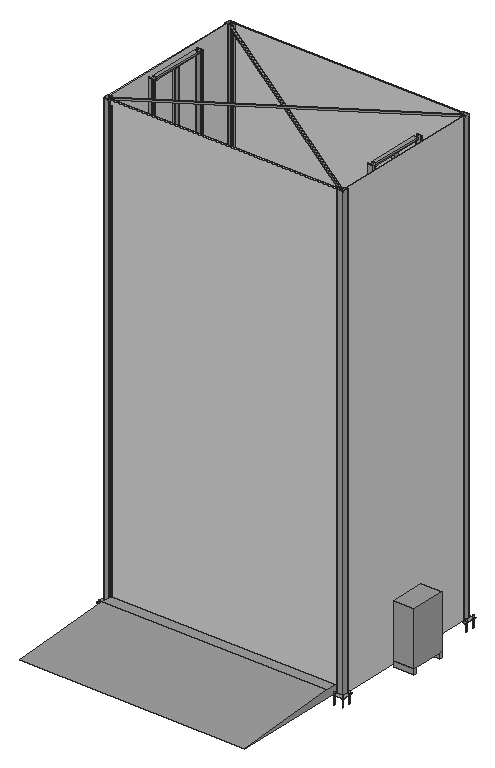
Revit family "1SE_Trez_TC_2C_T_1000_With_Ramp", category Specialty Equipment, Revit 2019
Family settings
  Round Connector Dimension = Use Diameter
  Part Type = Normal
  Work Plane-Based = No
  Always vertical = Yes
  Cut with Voids When Loaded = Yes
  Shared = No
  Room Calculation Point = No
Parameters (values of type "Platform-3300x2480mm with Door Height 2500mm")
  Safe Working Load = 1000.00 kg  # constant formula
  Safe Space = if(Cabin or Platform = Cabin, 900.0 mm, if(and(Cabin or Platform = Platform, Door Clear Height > 1900.0 mm), 600.0 mm, 0.0 mm))  # 600.0 mm
  Ramp Width = Tower Width - 250.0 mm  # 3780.0 mm
  Ramp Material = TREZ_Steel
  Platform = Speciality_Equipment_Trez_Platform : Platform
  Door Clear Width = Clear Width  # 3300.0 mm
  Door Clear Height = 2500.0 mm
  Clear Width = 3300.0 mm
  URL = "https://trez.bg/en/products/goods-only-lift-tc/tc-2ct-two-cylinders-and-tower/"
  Tower Width = Real Width + 2 * Clearance  # 4030.0 mm
  Tower Depth = Real Depth + 180.0 mm  # 2660.0 mm
  Tower Cladding Material = TREZ_Steel_Cladding
  Real Width = if(Clear Width < 1200.0 mm, 1200.0 mm, if(Clear Width > 3300.0 mm, 3300.0 mm, Clear Width))  # 3300.0 mm
  Real Depth = if(Clear Depth < 1200.0 mm, 1200.0 mm, if(Clear Depth > 2480.0 mm, 2480.0 mm, Clear Depth))  # 2480.0 mm
  Profiles Material = TREZ_Steel
  Platform Material = TREZ_Steel
  Ramp Height = 120.0 mm  # constant formula
  Travel = 4500.0 mm
  Rail Height = Travel + Headroom  # 7600.0 mm
  Model = "TC 2C T 1000"
  Manufacturer = "TREZ Ltd."
  Headroom = Door Clear Height + Safe Space  # 3100.0 mm
  Description = "Trez Compact 2 Cylinders Tower. Goods only lift."  # constant formula
  Clear Depth = 2480.0 mm
  Created By URL = "https://all1studio.com/"
  Created By = "All 1 Studio Ltd."
  Clearance = 365.0 mm  # constant formula
  Cabin or Platform Back = yes
  Cabin or Platform = Speciality_Equipment_Trez_Platform : Platform
  Cabin = Speciality_Equipment_Trez_Cabin : Cabin
Reference planes
  plane 1 "Center (Front/Back)": y = 0
  plane 2: z = 0
  plane 3 "Center (Left/Right)": x = 0
  plane 4: x = -1650
  plane 5: x = 1650
  plane 6: y = 1240
  plane 7: y = -1240
  plane 8: x = 2015
  plane 9: y = 1350
  plane 10: x = -2015
  plane 11: y = -1310
  plane 12: x = 1960
  plane 13: x = -1960
  plane 14: y = 1295
  plane 15: y = -1255
  plane 16: z = 4500
  plane 17 "Top of Lift": z = 7600
  plane 18: x = -1968.5
  plane 19: x = 1968.5
  plane 20: x = 2225
  plane 21: x = -1999.032
  plane 22: x = -1981.032
  plane 23: y = 1334
  plane 24: y = 1316
  plane 25: x = 1999
  plane 26: x = 1981
  plane 27: y = -1294
  plane 28: y = -1276
  plane 29: x = -2075
  plane 30: y = 1410
  plane 31: x = 2075
  plane 32: y = -1370
  plane 33: x = -1828.5
  plane 34: x = 1828.5
  plane 35: z = 7540
  plane 36: z = 40
  plane 37: z = -145
  plane 38 "Ramp": z = 120
Forms (mm)
  Extrusion 1, solid, material "TREZ_Steel_Cladding" <- "Tower Cladding Material", detail levels coarse+medium
    sketch origin (0, 0, 0) x (1, 0, 0) y (0, 1, 0)
      loop
        line (-2015, 1350) -> (-2015, 1245) -> (-1999.032, 1245) -> (-1999.032, -1205) -> (-2015, -1205) -> (-2015, -1310) -> (-1910, -1310) -> (-1910, -1294) -> (1910, -1294) -> (1910, -1310) -> (2015, -1310) -> (2015, -1205) -> (1999, -1205) -> (1999, 1245) -> (2015, 1245) -> (2015, 1350) -> (1910, 1350) -> (1910, 1334) -> (-1910, 1334) -> (-1910, 1350) -> (-2015, 1350)
      loop
        line (-1960, 1295) -> (-1960, 1245) -> (-1981.032, 1245) -> (-1981.032, -1205) -> (-1960, -1205) -> (-1960, -1255) -> (-1910, -1255) -> (-1910, -1276) -> (1910, -1276) -> (1910, -1255) -> (1960, -1255) -> (1960, -1205) -> (1981, -1205) -> (1981, 1245) -> (1960, 1245) -> (1960, 1295) -> (1910, 1295) -> (1910, 1316) -> (-1910, 1316) -> (-1910, 1295) -> (-1960, 1295)
    from 0 to 7600
  Extrusion 2, solid, material "TREZ_Steel" <- "Profiles Material", detail levels fine
    sketch origin (0, 0, 0) x (1, 0, 0) y (0, 1, 0)
      loop
        line (-2015, 1343) -> (-2015, 1252)
        arc (-2015, 1252) -> (-2012.95, 1247.05) -> (-2008, 1245) r 7
        line (-2008, 1245) -> (-1967, 1245)
        arc (-1967, 1245) -> (-1962.05, 1247.05) -> (-1960, 1252) r 7
        line (-1960, 1252) -> (-1960, 1288)
        arc (-1960, 1288) -> (-1957.95, 1292.95) -> (-1953, 1295) r 7
        line (-1953, 1295) -> (-1917, 1295)
        arc (-1917, 1295) -> (-1912.05, 1297.05) -> (-1910, 1302) r 7
        line (-1910, 1302) -> (-1910, 1343)
        arc (-1910, 1343) -> (-1912.05, 1347.95) -> (-1917, 1350) r 7
        line (-1917, 1350) -> (-2008, 1350)
        arc (-2008, 1350) -> (-2012.95, 1347.95) -> (-2015, 1343) r 7
      loop
        line (2008, 1350) -> (1917, 1350)
        arc (1917, 1350) -> (1912.05, 1347.95) -> (1910, 1343) r 7
        line (1910, 1343) -> (1910, 1302)
        arc (1910, 1302) -> (1912.05, 1297.05) -> (1917, 1295) r 7
        line (1917, 1295) -> (1953, 1295)
        arc (1953, 1295) -> (1957.95, 1292.95) -> (1960, 1288) r 7
        line (1960, 1288) -> (1960, 1252)
        arc (1960, 1252) -> (1962.05, 1247.05) -> (1967, 1245) r 7
        line (1967, 1245) -> (2008, 1245)
        arc (2008, 1245) -> (2012.95, 1247.05) -> (2015, 1252) r 7
        line (2015, 1252) -> (2015, 1343)
        arc (2015, 1343) -> (2012.95, 1347.95) -> (2008, 1350) r 7
      loop
        arc (-2015, -1303) -> (-2012.95, -1307.95) -> (-2008, -1310) r 7
        line (-2008, -1310) -> (-1917, -1310)
        arc (-1917, -1310) -> (-1912.05, -1307.95) -> (-1910, -1303) r 7
        line (-1910, -1303) -> (-1910, -1262)
        arc (-1910, -1262) -> (-1912.05, -1257.05) -> (-1917, -1255) r 7
        line (-1917, -1255) -> (-1953, -1255)
        arc (-1953, -1255) -> (-1957.95, -1252.95) -> (-1960, -1248) r 7
        line (-1960, -1248) -> (-1960, -1212)
        arc (-1960, -1212) -> (-1962.05, -1207.05) -> (-1967, -1205) r 7
        line (-1967, -1205) -> (-2008, -1205)
        arc (-2008, -1205) -> (-2012.95, -1207.05) -> (-2015, -1212) r 7
        line (-2015, -1212) -> (-2015, -1303)
      loop
        arc (2008, -1310) -> (2012.95, -1307.95) -> (2015, -1303) r 7
        line (2015, -1303) -> (2015, -1212)
        arc (2015, -1212) -> (2012.95, -1207.05) -> (2008, -1205) r 7
        line (2008, -1205) -> (1967, -1205)
        arc (1967, -1205) -> (1962.05, -1207.05) -> (1960, -1212) r 7
        line (1960, -1212) -> (1960, -1248)
        arc (1960, -1248) -> (1957.95, -1252.95) -> (1953, -1255) r 7
        line (1953, -1255) -> (1917, -1255)
        arc (1917, -1255) -> (1912.05, -1257.05) -> (1910, -1262) r 7
        line (1910, -1262) -> (1910, -1303)
        arc (1910, -1303) -> (1912.05, -1307.95) -> (1917, -1310) r 7
        line (1917, -1310) -> (2008, -1310)
      loop
        arc (-1913, 1343) -> (-1914.172, 1345.828) -> (-1917, 1347) r 4
        line (-1917, 1347) -> (-2008, 1347)
        arc (-2008, 1347) -> (-2010.828, 1345.828) -> (-2012, 1343) r 4
        line (-2012, 1343) -> (-2012, 1252)
        arc (-2012, 1252) -> (-2010.828, 1249.172) -> (-2008, 1248) r 4
        line (-2008, 1248) -> (-1967, 1248)
        arc (-1967, 1248) -> (-1964.172, 1249.172) -> (-1963, 1252) r 4
        line (-1963, 1252) -> (-1963, 1288)
        arc (-1963, 1288) -> (-1960.071, 1295.071) -> (-1953, 1298) r 10
        line (-1953, 1298) -> (-1917, 1298)
        arc (-1917, 1298) -> (-1914.172, 1299.172) -> (-1913, 1302) r 4
        line (-1913, 1302) -> (-1913, 1343)
      loop
        line (-1913, -1303) -> (-1913, -1262)
        arc (-1913, -1262) -> (-1914.172, -1259.172) -> (-1917, -1258) r 4
        line (-1917, -1258) -> (-1953, -1258)
        arc (-1953, -1258) -> (-1960.071, -1255.071) -> (-1963, -1248) r 10
        line (-1963, -1248) -> (-1963, -1212)
        arc (-1963, -1212) -> (-1964.172, -1209.172) -> (-1967, -1208) r 4
        line (-1967, -1208) -> (-2008, -1208)
        arc (-2008, -1208) -> (-2010.828, -1209.172) -> (-2012, -1212) r 4
        line (-2012, -1212) -> (-2012, -1303)
        arc (-2012, -1303) -> (-2010.828, -1305.828) -> (-2008, -1307) r 4
        line (-2008, -1307) -> (-1917, -1307)
        arc (-1917, -1307) -> (-1914.172, -1305.828) -> (-1913, -1303) r 4
      loop
        line (2012, -1303) -> (2012, -1212)
        arc (2012, -1212) -> (2010.828, -1209.172) -> (2008, -1208) r 4
        line (2008, -1208) -> (1967, -1208)
        arc (1967, -1208) -> (1964.172, -1209.172) -> (1963, -1212) r 4
        line (1963, -1212) -> (1963, -1248)
        arc (1963, -1248) -> (1960.071, -1255.071) -> (1953, -1258) r 10
        line (1953, -1258) -> (1917, -1258)
        arc (1917, -1258) -> (1914.172, -1259.172) -> (1913, -1262) r 4
        line (1913, -1262) -> (1913, -1303)
        arc (1913, -1303) -> (1914.172, -1305.828) -> (1917, -1307) r 4
        line (1917, -1307) -> (2008, -1307)
        arc (2008, -1307) -> (2010.828, -1305.828) -> (2012, -1303) r 4
      loop
        arc (2012, 1343) -> (2010.828, 1345.828) -> (2008, 1347) r 4
        line (2008, 1347) -> (1917, 1347)
        arc (1917, 1347) -> (1914.172, 1345.828) -> (1913, 1343) r 4
        line (1913, 1343) -> (1913, 1302)
        arc (1913, 1302) -> (1914.172, 1299.172) -> (1917, 1298) r 4
        line (1917, 1298) -> (1953, 1298)
        arc (1953, 1298) -> (1960.071, 1295.071) -> (1963, 1288) r 10
        line (1963, 1288) -> (1963, 1252)
        arc (1963, 1252) -> (1964.172, 1249.172) -> (1967, 1248) r 4
        line (1967, 1248) -> (2008, 1248)
        arc (2008, 1248) -> (2010.828, 1249.172) -> (2012, 1252) r 4
        line (2012, 1252) -> (2012, 1343)
    from 5 to 7600
  Extrusion 3, solid, material "TREZ_Steel_Cladding" <- "Tower Cladding Material", detail levels fine
    sketch origin (0, 0, 0) x (1, 0, 0) y (0, 1, 0)
      loop
        line (1999, 1245) -> (1981, 1245) -> (1981, -1205) -> (1999, -1205) -> (1999, 1245)
      loop
        line (1910, 1334) -> (-1910, 1334) -> (-1910, 1316) -> (1910, 1316) -> (1910, 1334)
      loop
        line (1910, -1276) -> (-1910, -1276) -> (-1910, -1294) -> (1910, -1294) -> (1910, -1276)
      loop
        line (-1981.032, -1205) -> (-1981.032, 1245) -> (-1999.032, 1245) -> (-1999.032, -1205) -> (-1981.032, -1205)
    from 0 to 7600
  Extrusion 4, solid, material "TREZ_Steel" <- "Profiles Material", detail levels fine
    sketch origin (0, 0, 0) x (1, 0, 0) y (0, 1, 0)
      loop
        arc (1897, 1410) -> (1892.05, 1407.95) -> (1890, 1403) r 7
        line (1890, 1403) -> (1890, 1350) -> (1910, 1350) -> (1910, 1295) -> (1960, 1295) -> (1960, 1245) -> (2015, 1245) -> (2015, 1225) -> (2068, 1225)
        arc (2068, 1225) -> (2072.95, 1227.05) -> (2075, 1232) r 7
        line (2075, 1232) -> (2075, 1403)
        arc (2075, 1403) -> (2072.95, 1407.95) -> (2068, 1410) r 7
        line (2068, 1410) -> (1897, 1410)
      loop
        line (-1897, 1410) -> (-2068, 1410)
        arc (-2068, 1410) -> (-2072.95, 1407.95) -> (-2075, 1403) r 7
        line (-2075, 1403) -> (-2075, 1232)
        arc (-2075, 1232) -> (-2072.95, 1227.05) -> (-2068, 1225) r 7
        line (-2068, 1225) -> (-2015, 1225) -> (-2015, 1245) -> (-1960, 1245) -> (-1960, 1295) -> (-1910, 1295) -> (-1910, 1350) -> (-1890, 1350) -> (-1890, 1403)
        arc (-1890, 1403) -> (-1892.05, 1407.95) -> (-1897, 1410) r 7
      loop
        line (1897, -1370) -> (2068, -1370)
        arc (2068, -1370) -> (2072.95, -1367.95) -> (2075, -1363) r 7
        line (2075, -1363) -> (2075, -1192)
        arc (2075, -1192) -> (2072.95, -1187.05) -> (2068, -1185) r 7
        line (2068, -1185) -> (2015, -1185) -> (2015, -1205) -> (1960, -1205) -> (1960, -1255) -> (1910, -1255) -> (1910, -1310) -> (1890, -1310) -> (1890, -1363)
        arc (1890, -1363) -> (1892.05, -1367.95) -> (1897, -1370) r 7
      loop
        arc (-1897, -1370) -> (-1892.05, -1367.95) -> (-1890, -1363) r 7
        line (-1890, -1363) -> (-1890, -1310) -> (-1910, -1310) -> (-1910, -1255) -> (-1960, -1255) -> (-1960, -1205) -> (-2015, -1205) -> (-2015, -1185) -> (-2068, -1185)
        arc (-2068, -1185) -> (-2072.95, -1187.05) -> (-2075, -1192) r 7
        line (-2075, -1192) -> (-2075, -1363)
        arc (-2075, -1363) -> (-2072.95, -1367.95) -> (-2068, -1370) r 7
        line (-2068, -1370) -> (-1897, -1370)
    from 5 to 0
  Sweep 5, solid, material "TREZ_Steel" <- "Profiles Material", detail levels fine
    path origin (0, 0, 7600) x (-1, 0, 0) y (0, -1, 0)
      loop
        line (1960, 1255) -> (-1960, -1295)
    profile origin (0, 20, 7600) x (-0.545289, 0.838248, 0) y (0, 0, 1)
      loop
        line (15, 0) -> (-15, 0) -> (-15, -30) -> (15, -30) -> (15, 0)
  Sweep 6, solid, material "TREZ_Steel" <- "Profiles Material", detail levels fine
    path origin (0, 0, 7600) x (-1, 0, 0) y (0, -1, 0)
      loop
        line (1960, -1295) -> (-1960, 1255)
    profile origin (0, 20, 7600) x (0.545289, 0.838248, 0) y (0, 0, 1)
      loop
        line (-15, -60) -> (15, -60) -> (15, -30) -> (-15, -30) -> (-15, -60)
  Extrusion 7, void
    sketch origin (0, 0, 7600) x (-1, 0, 0) y (0, -1, 0)
      loop
        arc (1967, -1245) -> (1962.05, -1247.05) -> (1960, -1252) r 7
        line (1960, -1252) -> (1960, -1288)
        arc (1960, -1288) -> (1957.95, -1292.95) -> (1953, -1295) r 7
        line (1953, -1295) -> (1917, -1295)
        arc (1917, -1295) -> (1912.05, -1297.05) -> (1910, -1302) r 7
        line (1910, -1302) -> (1910, -1343)
        arc (1910, -1343) -> (1912.05, -1347.95) -> (1917, -1350) r 7
        line (1917, -1350) -> (2008, -1350)
        arc (2008, -1350) -> (2012.95, -1347.95) -> (2015, -1343) r 7
        line (2015, -1343) -> (2015, -1252)
        arc (2015, -1252) -> (2012.95, -1247.05) -> (2008, -1245) r 7
        line (2008, -1245) -> (1967, -1245)
      loop
        arc (-1910, -1302) -> (-1912.05, -1297.05) -> (-1917, -1295) r 7
        line (-1917, -1295) -> (-1953, -1295)
        arc (-1953, -1295) -> (-1957.95, -1292.95) -> (-1960, -1288) r 7
        line (-1960, -1288) -> (-1960, -1252)
        arc (-1960, -1252) -> (-1962.05, -1247.05) -> (-1967, -1245) r 7
        line (-1967, -1245) -> (-2008, -1245)
        arc (-2008, -1245) -> (-2012.95, -1247.05) -> (-2015, -1252) r 7
        line (-2015, -1252) -> (-2015, -1343)
        arc (-2015, -1343) -> (-2012.95, -1347.95) -> (-2008, -1350) r 7
        line (-2008, -1350) -> (-1917, -1350)
        arc (-1917, -1350) -> (-1912.05, -1347.95) -> (-1910, -1343) r 7
        line (-1910, -1343) -> (-1910, -1302)
      loop
        arc (-1967, 1205) -> (-1962.05, 1207.05) -> (-1960, 1212) r 7
        line (-1960, 1212) -> (-1960, 1248)
        arc (-1960, 1248) -> (-1957.95, 1252.95) -> (-1953, 1255) r 7
        line (-1953, 1255) -> (-1917, 1255)
        arc (-1917, 1255) -> (-1912.05, 1257.05) -> (-1910, 1262) r 7
        line (-1910, 1262) -> (-1910, 1303)
        arc (-1910, 1303) -> (-1912.05, 1307.95) -> (-1917, 1310) r 7
        line (-1917, 1310) -> (-2008, 1310)
        arc (-2008, 1310) -> (-2012.95, 1307.95) -> (-2015, 1303) r 7
        line (-2015, 1303) -> (-2015, 1212)
        arc (-2015, 1212) -> (-2012.95, 1207.05) -> (-2008, 1205) r 7
        line (-2008, 1205) -> (-1967, 1205)
      loop
        arc (1960, 1212) -> (1962.05, 1207.05) -> (1967, 1205) r 7
        line (1967, 1205) -> (2008, 1205)
        arc (2008, 1205) -> (2012.95, 1207.05) -> (2015, 1212) r 7
        line (2015, 1212) -> (2015, 1303)
        arc (2015, 1303) -> (2012.95, 1307.95) -> (2008, 1310) r 7
        line (2008, 1310) -> (1917, 1310)
        arc (1917, 1310) -> (1912.05, 1307.95) -> (1910, 1303) r 7
        line (1910, 1303) -> (1910, 1262)
        arc (1910, 1262) -> (1912.05, 1257.05) -> (1917, 1255) r 7
        line (1917, 1255) -> (1953, 1255)
        arc (1953, 1255) -> (1957.95, 1252.95) -> (1960, 1248) r 7
        line (1960, 1248) -> (1960, 1212)
    from -60 to 0
  Extrusion 8, solid, material "TREZ_Steel" <- "Profiles Material", detail levels fine
    sketch origin (0, 0, 0) x (1, 0, 0) y (0, 1, 0)
      loop
        circle (-2050.697, 1394.303) r 6
      loop
        circle (-1905.697, 1394.303) r 6
      loop
        circle (-2050.697, 1249.303) r 6
      loop
        circle (2050.697, 1394.303) r 6
      loop
        circle (1905.697, 1394.303) r 6
      loop
        circle (2050.697, 1249.303) r 6
      loop
        circle (-2050.697, -1354.303) r 6
      loop
        circle (-1905.697, -1354.303) r 6
      loop
        circle (-2050.697, -1209.303) r 6
      loop
        circle (2050.697, -1354.303) r 6
      loop
        circle (1905.697, -1354.303) r 6
      loop
        circle (2050.697, -1209.303) r 6
    from -145 to 40
Cuts and joins
  Extrusion 7 cuts Sweep 5
  Extrusion 7 cuts Sweep 6
  joined: Extrusion 4, Extrusion 8
Lines and regions (mm)
  symbolic lines, style "Profiles"
    curve 1: line (-2015, 1350, 0) -> (-1910, 1350, 0)
    curve 2: line (-1910, 1350, 0) -> (-1910, 1295, 0)
    curve 3: line (-1910, 1295, 0) -> (-1960, 1295, 0)
    curve 4: line (-1960, 1295, 0) -> (-1960, 1245, 0)
    curve 5: line (-1960, 1245, 0) -> (-2015, 1245, 0)
    curve 6: line (-2015, 1245, 0) -> (-2015, 1350, 0)
    curve 7: line (1910, 1350, 0) -> (2015, 1350, 0)
    curve 8: line (2015, 1350, 0) -> (2015, 1245, 0)
    curve 9: line (2015, 1245, 0) -> (1960, 1245, 0)
    curve 10: line (1960, 1245, 0) -> (1960, 1295, 0)
    curve 11: line (1960, 1295, 0) -> (1910, 1295, 0)
    curve 12: line (1910, 1295, 0) -> (1910, 1350, 0)
    curve 13: line (-2015, -1205, 0) -> (-1960, -1205, 0)
    curve 14: line (-1960, -1205, 0) -> (-1960, -1255, 0)
    curve 15: line (-1960, -1255, 0) -> (-1910, -1255, 0)
    curve 16: line (-1910, -1255, 0) -> (-1910, -1310, 0)
    curve 17: line (-1910, -1310, 0) -> (-2015, -1310, 0)
    curve 18: line (-2015, -1310, 0) -> (-2015, -1205, 0)
    curve 19: line (1910, -1255, 0) -> (1960, -1255, 0)
    curve 20: line (1960, -1255, 0) -> (1960, -1205, 0)
    curve 21: line (1960, -1205, 0) -> (2015, -1205, 0)
    curve 22: line (2015, -1205, 0) -> (2015, -1310, 0)
    curve 23: line (2015, -1310, 0) -> (1910, -1310, 0)
    curve 24: line (1910, -1255, 0) -> (1910, -1310, 0)
    curve 25: line (1999, 1245, 0) -> (1981, 1245, 0)
    curve 26: line (1999, -1205, 0) -> (1999, 1245, 0)
    curve 27: line (1981, -1205, 0) -> (1999, -1205, 0)
    curve 28: line (1981, 1245, 0) -> (1981, -1205, 0)
    curve 29: line (1910, -1276, 0) -> (-1910, -1276, 0)
    curve 30: line (1910, -1294, 0) -> (1910, -1276, 0)
    curve 31: line (-1910, -1294, 0) -> (1910, -1294, 0)
    curve 32: line (-1910, -1276, 0) -> (-1910, -1294, 0)
    curve 33: line (-1981.032, -1205, 0) -> (-1999.032, -1205, 0)
    curve 34: line (-1981.032, 1245, 0) -> (-1981.032, -1205, 0)
    curve 35: line (-1999.032, 1245, 0) -> (-1981.032, 1245, 0)
    curve 36: line (-1999.032, -1205, 0) -> (-1999.032, 1245, 0)
    curve 37: line (-1910, 1316, 0) -> (1910, 1316, 0)
    curve 38: line (-1910, 1334, 0) -> (-1910, 1316, 0)
    curve 39: line (1910, 1334, 0) -> (-1910, 1334, 0)
    curve 40: line (1910, 1316, 0) -> (1910, 1334, 0)
  symbolic lines, style "Platform"
    curve 41: line (-1650, 1240, 0) -> (1650, 1240, 0)
    curve 42: line (-1650, -1240, 0) -> (-1650, 1240, 0)
    curve 43: line (1650, -1240, 0) -> (-1650, -1240, 0)
    curve 44: line (1650, 1240, 0) -> (1650, -1240, 0)
    curve 45: line (-1650, 1240, 0) -> (1650, -1240, 0)
    curve 46: line (1650, 1240, 0) -> (-1650, -1240, 0)
  model lines, style "Profiles", detail levels coarse+medium
    curve 47: line (-1960, 1295, 7600) -> (1960, -1255, 7600)
    curve 48: line (1960, 1295, 7600) -> (-1960, -1255, 7600)
Dimensions and locks
  equal spacing: plane 4, plane 3 "Center (Left/Right)", plane 5
  "Real Width": plane 4 to plane 5
  equal spacing: plane 7, plane 1 "Center (Front/Back)", plane 6
  "Real Depth": plane 7 to plane 6
  locked: plane 6 to plane 9 at 110
  locked: plane 7 to plane 11 at 70
  locked: plane 12 to plane 8 at 55
  locked: plane 10 to plane 13 at 55
  locked: plane 14 to plane 9 at 55
  locked: plane 15 to plane 11 at 55
  "Travel": plane 16 to level
  "Clearance": plane 5 to plane 8
  "Clearance": plane 10 to plane 4
  locked: plane 8 to plane 20 at 210
  locked: plane 10 to plane 18 at 46.5
  locked: plane 19 to plane 8 at 46.5
  plane 10 to plane 21 to plane 22 = 15.968 mm locked, 18.0 mm locked
  plane 24 to plane 23 to plane 9 = 18.0 mm locked, 16.0 mm locked
  plane 26 to plane 25 to plane 8 = 18.0 mm locked, 16.0 mm locked
  plane 28 to plane 27 to plane 11 = 18.0 mm locked, 16.0 mm locked
  locked: plane 29 to plane 10 at 60
  locked: plane 9 to plane 30 at 60
  locked: plane 8 to plane 31 at 60
  locked: plane 11 to plane 32 at 60
  locked: plane 10 to plane 33 at 186.5
  locked: plane 34 to plane 8 at 186.5
  "Headroom": plane 17 "Top of Lift" to plane 16
  locked: plane 17 "Top of Lift" to plane 35 at 60
  locked: plane 36 to level at 40
  locked: level to plane 37 at 145
  "Ramp Height": plane 38 "Ramp" to level
  aligned and locked: level to plane 2
  aligned and locked: plane 9 to Extrusion 1 sketch curve
  aligned and locked: plane 10 to Extrusion 1 sketch curve
  aligned and locked: plane 11 to Extrusion 1 sketch curve
  aligned and locked: plane 8 to Extrusion 1 sketch curve
  aligned and locked: plane 14 to Extrusion 1 sketch curve
  aligned and locked: plane 13 to Extrusion 1 sketch curve
  aligned and locked: plane 15 to Extrusion 1 sketch curve
  aligned and locked: plane 12 to Extrusion 1 sketch curve
  aligned and locked: plane 17 "Top of Lift" to Extrusion 1
  aligned and locked: plane 1 "Center (Front/Back)" to nested 1
  aligned and locked: plane 3 "Center (Left/Right)" to nested 1
  aligned and locked: nested 2 to plane 20
  aligned and locked: Extrusion 2 sketch curve to plane 10
  aligned and locked: Extrusion 2 sketch curve to plane 9  (x2)
  aligned and locked: Extrusion 2 sketch curve to plane 13
  aligned and locked: Extrusion 2 sketch curve to plane 14  (x2)
  aligned and locked: plane 8 to Extrusion 2 sketch curve
  aligned and locked: plane 17 "Top of Lift" to Extrusion 2
  aligned and locked: Extrusion 3 sketch curve to Extrusion 2  (x6)
  aligned and locked: Extrusion 3 sketch curve to plane 25
  aligned and locked: plane 26 to Extrusion 3 sketch curve
  aligned and locked: Extrusion 3 sketch curve to plane 23
  aligned and locked: plane 24 to Extrusion 3 sketch curve
  aligned and locked: plane 28 to Extrusion 3 sketch curve
  aligned and locked: Extrusion 3 sketch curve to plane 27
  aligned and locked: Extrusion 2 to Extrusion 3 sketch curve  (x2)
  aligned and locked: Extrusion 3 sketch curve to plane 22
  aligned and locked: plane 21 to Extrusion 3 sketch curve
  aligned and locked: plane 17 "Top of Lift" to Extrusion 3
  aligned and locked: plane 33 to nested 3
  aligned and locked: nested 4 to plane 34
  aligned and locked: plane 1 "Center (Front/Back)" to nested 3
  aligned and locked: nested 4 to plane 1 "Center (Front/Back)"
  aligned and locked: plane 14 to Sweep 5 sketch curve
  aligned and locked: plane 12 to Sweep 5 sketch curve
  aligned and locked: plane 13 to Sweep 5 sketch curve
  aligned and locked: plane 15 to Sweep 5 sketch curve
  aligned and locked: plane 12 to Sweep 6 sketch curve
  aligned and locked: plane 15 to Sweep 6 sketch curve
  aligned and locked: plane 14 to Sweep 6 sketch curve
  aligned and locked: plane 13 to Sweep 6 sketch curve
  aligned and locked: plane 35 to Extrusion 7
  aligned and locked: plane 17 "Top of Lift" to Extrusion 7
  aligned and locked: Extrusion 8 to plane 37
  aligned and locked: plane 36 to Extrusion 8
  aligned and locked: plane 16 to nested 1
  aligned and locked: nested 4 to level
  aligned and locked: nested 3 to level
  aligned and locked: nested 5 to plane 3 "Center (Left/Right)"
  aligned and locked: nested 5 to Extrusion 1
Automatic sketch dimensions
  Extrusion 1 sketch curve to plane 10 = 0.0 mm
  Extrusion 1 sketch curve to plane 21 = 0.0 mm
  Extrusion 1 sketch curve to plane 22 = 0.0 mm
  Extrusion 1 sketch curve to plane 13 = 0.0 mm
  Extrusion 1 sketch curve to plane 28 = 0.0 mm
  Extrusion 1 sketch curve to plane 15 = 0.0 mm
  Extrusion 1 sketch curve to plane 27 = 0.0 mm
  Extrusion 1 sketch curve to plane 11 = 0.0 mm
  plane 24 to Extrusion 1 sketch curve = 0.0 mm
  plane 23 to Extrusion 1 sketch curve = 0.0 mm
  plane 9 to Extrusion 1 sketch curve = 0.0 mm
  plane 14 to Extrusion 1 sketch curve = 0.0 mm
  Extrusion 1 sketch curve to plane 12 = 0.0 mm
  Extrusion 1 sketch curve to plane 26 = 0.0 mm
  Extrusion 1 sketch curve to plane 25 = 0.0 mm
  Extrusion 1 sketch curve to plane 8 = 0.0 mm
  plane 13 to Extrusion 1 sketch curve = 50.0 mm  (x2)
  Extrusion 1 sketch curve to Extrusion 1 sketch curve = 0.0 mm  (x5)
  plane 12 to Extrusion 1 sketch curve = 50.0 mm  (x2)
  plane 7 to Extrusion 1 sketch curve = 35.0 mm  (x3)
  Extrusion 1 sketch curve to plane 6 = 5.0 mm  (x4)
  Extrusion 2 sketch curve to Extrusion 2 sketch curve = 0.0 mm  (x48)
  Extrusion 2 sketch curve to plane 10 = 0.0 mm
  Extrusion 2 sketch curve to plane 11 = 0.0 mm  (x2)
  Extrusion 2 sketch curve to plane 13 = 0.0 mm
  Extrusion 2 sketch curve to plane 15 = 0.0 mm  (x2)
  Extrusion 2 sketch curve to plane 12 = 0.0 mm  (x2)
  Extrusion 2 sketch curve to plane 8 = 0.0 mm
  Extrusion 2 sketch curve to Extrusion 2 sketch curve = 3.0 mm  (x4)
  Extrusion 2 sketch curve to Extrusion 2 sketch curve = 4.0 mm  (x9)
  plane 10 to Extrusion 2 sketch curve = 7.0 mm
  plane 18 to Extrusion 2 sketch curve = 1.5 mm  (x2)
  plane 13 to Extrusion 2 sketch curve = 7.0 mm  (x2)
  Extrusion 2 sketch curve to plane 15 = 7.0 mm  (x2)
  Extrusion 2 sketch curve to Extrusion 2 sketch curve = 36.0 mm  (x2)
  Extrusion 2 sketch curve to plane 14 = 7.0 mm
  plane 9 to Extrusion 2 sketch curve = 7.0 mm
  plane 12 to Extrusion 2 sketch curve = 50.0 mm  (x2)
  Extrusion 2 sketch curve to Extrusion 2 sketch curve = 7.0 mm
  plane 12 to Extrusion 2 sketch curve = 7.0 mm
  plane 19 to Extrusion 2 sketch curve = 1.5 mm  (x2)
  plane 8 to Extrusion 2 sketch curve = 7.0 mm  (x2)
  Extrusion 2 sketch curve to plane 6 = 5.0 mm  (x2)
  plane 7 to Extrusion 2 sketch curve = 28.0 mm  (x2)
  Extrusion 4 sketch curve to plane 29 = 0.0 mm  (x2)
  plane 30 to Extrusion 4 sketch curve = 0.0 mm  (x2)
  Extrusion 4 sketch curve to plane 32 = 0.0 mm  (x2)
  Extrusion 4 sketch curve to plane 10 = 0.0 mm  (x2)
  Extrusion 4 sketch curve to plane 13 = 0.0 mm  (x2)
  plane 9 to Extrusion 4 sketch curve = 0.0 mm  (x2)
  Extrusion 4 sketch curve to plane 11 = 0.0 mm  (x2)
  Extrusion 4 sketch curve to plane 15 = 0.0 mm  (x2)
  plane 14 to Extrusion 4 sketch curve = 0.0 mm  (x2)
  Extrusion 4 sketch curve to plane 12 = 0.0 mm  (x2)
  Extrusion 4 sketch curve to plane 8 = 0.0 mm  (x2)
  Extrusion 4 sketch curve to plane 31 = 0.0 mm  (x2)
  plane 29 to Extrusion 4 sketch curve = 7.0 mm  (x4)
  plane 13 to Extrusion 4 sketch curve = 50.0 mm  (x2)
  Extrusion 4 sketch curve to Extrusion 4 sketch curve = 13.0 mm  (x2)
  plane 30 to Extrusion 4 sketch curve = 7.0 mm
  Extrusion 4 sketch curve to Extrusion 4 sketch curve = 20.0 mm  (x2)
  Extrusion 4 sketch curve to plane 34 = 61.5 mm  (x2)
  Extrusion 4 sketch curve to Extrusion 4 sketch curve = 7.0 mm  (x3)
  Extrusion 4 sketch curve to Extrusion 4 sketch curve = 50.0 mm
  plane 31 to Extrusion 4 sketch curve = 7.0 mm  (x3)
  plane 7 to Extrusion 4 sketch curve = 35.0 mm  (x2)
  plane 7 to Extrusion 4 sketch curve = 48.0 mm  (x2)
  plane 6 to Extrusion 4 sketch curve = 15.0 mm  (x2)
  Extrusion 4 sketch curve to plane 6 = 5.0 mm  (x2)
  profile plane to Sweep 5 sketch curve = 15.0 mm
  Sweep 5 sketch curve to Sweep 5 sketch curve = 30.0 mm
  Sweep 5 sketch curve to profile plane = 15.0 mm
  plane 17 "Top of Lift" to Sweep 5 sketch curve = 0.0 mm
  profile plane to Sweep 6 sketch curve = 15.0 mm
  Sweep 6 sketch curve to profile plane = 15.0 mm
  Sweep 6 sketch curve to plane 17 "Top of Lift" = 60.0 mm
  Sweep 6 sketch curve to Sweep 6 sketch curve = 30.0 mm
  plane 9 to Extrusion 7 sketch curve = 0.0 mm  (x2)
  plane 14 to Extrusion 7 sketch curve = 0.0 mm  (x2)
  Extrusion 7 sketch curve to plane 13 = 0.0 mm  (x2)
  Extrusion 7 sketch curve to plane 10 = 0.0 mm  (x2)
  Extrusion 7 sketch curve to Extrusion 7 sketch curve = 7.0 mm  (x9)
  plane 13 to Extrusion 7 sketch curve = 43.0 mm
  Extrusion 7 sketch curve to Extrusion 7 sketch curve = 36.0 mm  (x2)
  plane 18 to Extrusion 7 sketch curve = 1.5 mm  (x2)
  plane 10 to Extrusion 7 sketch curve = 7.0 mm
  Extrusion 7 sketch curve to plane 6 = 12.0 mm
  Extrusion 7 sketch curve to plane 8 = 0.0 mm  (x2)
  Extrusion 7 sketch curve to plane 12 = 0.0 mm  (x2)
  Extrusion 7 sketch curve to plane 6 = 5.0 mm
  plane 8 to Extrusion 7 sketch curve = 7.0 mm  (x3)
  plane 19 to Extrusion 7 sketch curve = 1.5 mm  (x2)
  Extrusion 7 sketch curve to plane 14 = 7.0 mm
  Extrusion 7 sketch curve to plane 11 = 0.0 mm  (x2)
  Extrusion 7 sketch curve to plane 15 = 0.0 mm  (x2)
  plane 12 to Extrusion 7 sketch curve = 7.0 mm
  plane 11 to Extrusion 7 sketch curve = 7.0 mm  (x2)
  plane 12 to Extrusion 7 sketch curve = 43.0 mm
  Extrusion 7 sketch curve to plane 15 = 7.0 mm
  plane 7 to Extrusion 7 sketch curve = 35.0 mm  (x2)
  plane 13 to Extrusion 7 sketch curve = 50.0 mm
  plane 13 to Extrusion 7 sketch curve = 7.0 mm
  curve 47 to plane 12 = 0.0 mm
  curve 48 to plane 12 = 0.0 mm
  curve 48 to plane 13 = 0.0 mm
  curve 47 to plane 13 = 0.0 mm
  plane 14 to curve 48 = 0.0 mm
  plane 14 to curve 47 = 0.0 mm
  curve 48 to plane 15 = 0.0 mm
  curve 47 to plane 15 = 0.0 mm
  plane 9 to curve 1 = 0.0 mm
  curve 1 to plane 10 = 0.0 mm
  curve 18 to plane 10 = 0.0 mm
  curve 36 to plane 21 = 0.0 mm
  curve 35 to plane 22 = 0.0 mm
  curve 4 to plane 13 = 0.0 mm
  curve 15 to plane 13 = 0.0 mm
  plane 24 to curve 37 = 0.0 mm
  curve 15 to plane 15 = 0.0 mm
  curve 16 to plane 11 = 0.0 mm
  plane 23 to curve 38 = 0.0 mm
  curve 32 to plane 27 = 0.0 mm
  curve 32 to plane 28 = 0.0 mm
  plane 14 to curve 2 = 0.0 mm
  curve 42 to plane 4 = 0.0 mm
  curve 44 to plane 5 = 0.0 mm
  curve 24 to plane 11 = 0.0 mm
  curve 24 to plane 15 = 0.0 mm
  plane 14 to curve 11 = 0.0 mm
  plane 9 to curve 7 = 0.0 mm
  curve 19 to plane 12 = 0.0 mm
  curve 11 to plane 12 = 0.0 mm
  curve 25 to plane 26 = 0.0 mm
  curve 27 to plane 25 = 0.0 mm
  curve 22 to plane 8 = 0.0 mm
  curve 9 to plane 8 = 0.0 mm
  curve 43 to plane 7 = 0.0 mm
  plane 6 to curve 44 = 0.0 mm
  plane 13 to curve 37 = 50.0 mm
  plane 13 to curve 15 = 50.0 mm
  curve 32 to curve 16 = 0.0 mm
  curve 2 to curve 37 = 0.0 mm
  plane 12 to curve 29 = 50.0 mm
  curve 24 to curve 30 = 0.0 mm
  plane 12 to curve 39 = 50.0 mm
  curve 11 to curve 37 = 0.0 mm
  plane 7 to curve 14 = 35.0 mm
  curve 33 to curve 13 = 0.0 mm
  plane 7 to curve 28 = 35.0 mm
  curve 20 to curve 27 = 0.0 mm
  curve 10 to plane 6 = 5.0 mm
  curve 28 to plane 6 = 5.0 mm
  curve 35 to plane 6 = 5.0 mm
  curve 6 to plane 6 = 5.0 mm
  plane 29 to Extrusion 8 sketch curve = 24.303 mm  (x4)
  Extrusion 8 sketch curve to plane 6 = 9.303 mm  (x2)
  plane 30 to Extrusion 8 sketch curve = 15.697 mm  (x4)
  plane 13 to Extrusion 8 sketch curve = 54.303 mm  (x2)
  plane 32 to Extrusion 8 sketch curve = 15.697 mm  (x4)
  plane 12 to Extrusion 8 sketch curve = 54.303 mm  (x2)
  plane 31 to Extrusion 8 sketch curve = 24.303 mm  (x4)
  plane 7 to Extrusion 8 sketch curve = 30.697 mm  (x2)
  radius of Extrusion 8 sketch curve = 6.0 mm  (x12)
Nested families
  nested 1: "Speciality_Equipment_Trez_Platform" at (0, 0, 4500), type <- "Cabin or Platform", type "Platform"
    with Width 3300.0 mm, Depth 2480.0 mm
  nested 2: "Electrical_Equpment_Trez_Cabinet" at (2225, 0, 0) x (0, 1, 0) z (0, 0, 1), type "Cabinet"
  nested 3: "Generic_Model_Trez_Rails" at (-1828.5, 0, 0), type "Rails"
    with Height 7600.0 mm
  nested 4: "Generic_Model_Trez_Rails" at (1828.5, 0, 0) x (-1, 0, 0) z (0, 0, 1), type "Rails"
    with Height 7600.0 mm
  nested 5: "Generic_Model_Trez_Ramp" at (0, -1394, 0), type "4 Degree Ramp"
    with Ramp Width 3780.0 mm
Definition of nested family "Speciality_Equipment_Trez_Platform"
  Parameters (values of type "Speciality_Equipment_Trez_Platform")
    Width = 3600.0 mm
    Platform Material = none
    Depth = 2900.0 mm
    Back Board = yes
  Reference planes
    plane 1 "Center (Front/Back)": y = 0
    plane 2 "Bottom": z = 0
    plane 3 "Center (Left/Right)": x = 0
    plane 4: x = 1800
    plane 5: x = -1800
    plane 6: y = 1450
    plane 7: y = -1450
    plane 8: x = -1889
    plane 9: x = 1889
    plane 10: y = 1485
    plane 11: z = -89
    plane 12: z = 709
  Forms (mm)
    Extrusion 1, solid, material <- "Platform Material", visible <- "Back Board"
      sketch origin (0, 0, 0) x (1, 0, 0) y (0, 1, 0)
        loop
          line (-1889, 1485) -> (-1889, 1450) -> (1889, 1450) -> (1889, 1485) -> (-1889, 1485)
      from 0 to 709
    Extrusion 2, solid, material <- "Platform Material", detail levels coarse+medium
      sketch origin (0, 0, 0) x (1, 0, 0) y (0, 0, 1)
        loop
          line (-1800, 709) -> (-1889, 709) -> (-1889, -89) -> (1889, -89) -> (1889, 709) -> (1800, 709) -> (1800, 0) -> (-1800, 0) -> (-1800, 709)
      from -1450 to 1450
    Extrusion 3, solid, material <- "Platform Material", detail levels fine
      sketch origin (0, 0, 0) x (1, 0, 0) y (0, 0, 1)
        loop
          arc (-1874, 709) -> (-1884.607, 704.607) -> (-1889, 694) r 15
          line (-1889, 694) -> (-1889, -74)
          arc (-1889, -74) -> (-1884.607, -84.607) -> (-1874, -89) r 15
          line (-1874, -89) -> (1874, -89)
          arc (1874, -89) -> (1884.607, -84.607) -> (1889, -74) r 15
          line (1889, -74) -> (1889, 694)
          arc (1889, 694) -> (1884.607, 704.607) -> (1874, 709) r 15
          line (1874, 709) -> (1815, 709)
          arc (1815, 709) -> (1804.393, 704.607) -> (1800, 694) r 15
          line (1800, 694) -> (1800, 15)
          arc (1800, 15) -> (1795.607, 4.393) -> (1785, 0) r 15
          line (1785, 0) -> (-1785, 0)
          arc (-1785, 0) -> (-1795.607, 4.393) -> (-1800, 15) r 15
          line (-1800, 15) -> (-1800, 694)
          arc (-1800, 694) -> (-1804.393, 704.607) -> (-1815, 709) r 15
          line (-1815, 709) -> (-1874, 709)
      from -1450 to 1450
  Dimensions and locks
    equal spacing: plane 5, plane 3 "Center (Left/Right)", plane 4
    "Width": plane 5 to plane 4
    equal spacing: plane 7, plane 1 "Center (Front/Back)", plane 6
    "Depth": plane 6 to plane 7
    locked: plane 8 to plane 5 at 89
    locked: plane 4 to plane 9 at 89
    locked: plane 10 to plane 6 at 35
    locked: plane 2 "Bottom" to plane 11 at 89
    locked: plane 12 to plane 2 "Bottom" at 709
    aligned and locked: level to plane 2 "Bottom"
    aligned and locked: Extrusion 1 sketch curve to plane 10
    aligned and locked: plane 8 to Extrusion 1 sketch curve
    aligned and locked: plane 5 to Extrusion 2 sketch curve
    aligned and locked: plane 8 to Extrusion 2 sketch curve
    aligned and locked: Extrusion 2 sketch curve to plane 9
    aligned and locked: Extrusion 2 sketch curve to plane 4
    aligned and locked: Extrusion 2 sketch curve to plane 2 "Bottom"
    aligned and locked: Extrusion 2 sketch curve to plane 11
    aligned and locked: Extrusion 2 sketch curve to plane 12
    aligned and locked: Extrusion 2 to plane 6
    aligned and locked: Extrusion 2 to plane 7
    aligned and locked: Extrusion 3 sketch curve to plane 12
    aligned and locked: plane 8 to Extrusion 3 sketch curve
    aligned and locked: plane 5 to Extrusion 3 sketch curve
    aligned and locked: Extrusion 3 sketch curve to plane 4
    aligned and locked: Extrusion 3 sketch curve to plane 9
    aligned and locked: Extrusion 3 sketch curve to plane 2 "Bottom"
    aligned and locked: Extrusion 3 sketch curve to plane 11
    aligned and locked: Extrusion 3 to plane 7
    aligned and locked: Extrusion 3 to plane 6
  Automatic sketch dimensions
    plane 12 to Extrusion 2 sketch curve = 0.0 mm
    Extrusion 1 sketch curve to plane 6 = 0.0 mm
    Extrusion 1 sketch curve to plane 9 = 0.0 mm
    Extrusion 3 sketch curve to plane 12 = 0.0 mm
    Extrusion 3 sketch curve to Extrusion 3 sketch curve = 15.0 mm  (x4)
    plane 5 to Extrusion 3 sketch curve = 15.0 mm
    Extrusion 3 sketch curve to plane 4 = 15.0 mm
    plane 4 to Extrusion 3 sketch curve = 15.0 mm
    Extrusion 3 sketch curve to plane 9 = 15.0 mm
Definition of nested family "Electrical_Equpment_Trez_Cabinet"
  Parameters (values of type "Electrical_Equpment_Trez_Cabinet")
    Width = 584.0 mm
    Depth = 348.0 mm
    Cabinet Material = none
  Reference planes
    plane 1 "Center (Front/Back)": y = 0
    plane 2: z = 0
    plane 3 "Center (Left/Right)": x = 0
    plane 4: x = -292
    plane 5: x = 292
    plane 6: y = 174
    plane 7: y = -174
    plane 8: z = 100
    plane 9: z = 1000
    plane 10: x = -257
    plane 11: x = 257
  Forms (mm)
    Extrusion 1, solid, material <- "Cabinet Material", detail levels fine
      sketch origin (0, 0, 0) x (1, 0, 0) y (0, 1, 0)
        loop
          line (-292, 174) -> (-292, -174) -> (292, -174) -> (292, 174) -> (-292, 174)
      from 100 to 1000
    Extrusion 2, solid, material <- "Cabinet Material", detail levels fine
      sketch origin (0, 0, 0) x (1, 0, 0) y (0, 1, 0)
        loop
          line (-257, 174) -> (-292, 174) -> (-292, -174) -> (-257, -174) -> (-257, 174)
        loop
          line (257, 174) -> (257, -174) -> (292, -174) -> (292, 174) -> (257, 174)
      from 0 to 100
    Extrusion 3, solid, detail levels coarse+medium
      sketch origin (0, 0, 0) x (1, 0, 0) y (0, 1, 0)
        loop
          line (-292, 174) -> (-292, -174) -> (292, -174) -> (292, 174) -> (-292, 174)
      from 0 to 1000
  Lines and regions (mm)
    symbolic lines
      curve 1: line (-292, 174, 0) -> (292, 174, 0)
      curve 2: line (-292, -174, 0) -> (-292, 174, 0)
      curve 3: line (292, -174, 0) -> (-292, -174, 0)
      curve 4: line (292, 174, 0) -> (292, -174, 0)
  Dimensions and locks
    equal spacing: plane 4, plane 3 "Center (Left/Right)", plane 5
    "Width": plane 4 to plane 5
    equal spacing: plane 7, plane 1 "Center (Front/Back)", plane 6
    "Depth": plane 7 to plane 6
    plane 9 to plane 8 to plane 2 = 900.0 mm locked, 100.0 mm locked
    aligned and locked: level to plane 2
    aligned and locked: plane 6 to Extrusion 1 sketch curve
    aligned and locked: plane 4 to Extrusion 1 sketch curve
    aligned and locked: plane 7 to Extrusion 1 sketch curve
    aligned and locked: plane 5 to Extrusion 1 sketch curve
    aligned and locked: plane 9 to Extrusion 1
    aligned and locked: Extrusion 1 to plane 8
    aligned and locked: Extrusion 2 sketch curve to plane 6
    aligned and locked: plane 10 to Extrusion 2 sketch curve
    aligned and locked: Extrusion 2 sketch curve to Extrusion 1  (x4)
    aligned and locked: plane 6 to Extrusion 2 sketch curve
    aligned and locked: Extrusion 2 sketch curve to plane 11
    aligned and locked: plane 8 to Extrusion 2
    aligned and locked: Extrusion 2 to level
    aligned and locked: Extrusion 3 sketch curve to Extrusion 1  (x4)
    aligned and locked: Extrusion 3 to plane 2
    aligned and locked: plane 9 to Extrusion 3
    aligned and locked: curve 1 to Extrusion 1
    aligned and locked: curve 2 to Extrusion 1
    aligned and locked: curve 3 to Extrusion 1
    aligned and locked: curve 4 to Extrusion 1
Definition of nested family "Generic_Model_Trez_Rails"
  Parameters (values of type "Generic_Model_Trez_Rails")
    Profiles Material = none
    Height = 7100.0 mm
  Reference planes
    plane 1 "Center (Front/Back)": y = 0
    plane 2: z = 0
    plane 3 "Center (Left/Right)": x = 0
    plane 4: x = 87.2
    plane 5: x = -87.2
    plane 6: y = 607.5
    plane 7: y = -607.5
    plane 8: z = 7100
    plane 9: z = 15
    plane 10: z = 7065
    plane 11: z = -95
  Forms (mm)
    Extrusion 1, solid, material <- "Profiles Material", detail levels fine
      sketch origin (0, 0, 0) x (1, 0, 0) y (0, 1, 0)
        loop
          line (77.2, 607.5) -> (-77.2, 607.5)
          arc (-77.2, 607.5) -> (-84.271, 604.571) -> (-87.2, 597.5) r 10
          line (-87.2, 597.5) -> (-87.2, -597.5)
          arc (-87.2, -597.5) -> (-84.271, -604.571) -> (-77.2, -607.5) r 10
          line (-77.2, -607.5) -> (77.2, -607.5)
          arc (77.2, -607.5) -> (84.271, -604.571) -> (87.2, -597.5) r 10
          line (87.2, -597.5) -> (87.2, 597.5)
          arc (87.2, 597.5) -> (84.271, 604.571) -> (77.2, 607.5) r 10
      from 0 to 15
    Extrusion 2, solid, material <- "Profiles Material", detail levels fine
      sketch origin (0, 0, 0) x (1, 0, 0) y (0, 1, 0)
        loop
          line (-61.5, -517.5) -> (28.5, -517.5) -> (28.5, -509.5) -> (-3.5, -509.5)
          arc (-3.5, -509.5) -> (-7.036, -508.036) -> (-8.5, -504.5) r 5
          line (-8.5, -504.5) -> (-8.5, -442.5) -> (-24.5, -442.5) -> (-24.5, -504.5)
          arc (-24.5, -504.5) -> (-25.964, -508.036) -> (-29.5, -509.5) r 5
          line (-29.5, -509.5) -> (-61.5, -509.5) -> (-61.5, -517.5)
        loop
          line (-37.94, -40) -> (-1.94, -40)
          arc (-1.94, -40) -> (8.667, -35.607) -> (13.06, -25) r 15
          line (13.06, -25) -> (13.06, 25)
          arc (13.06, 25) -> (8.667, 35.607) -> (-1.94, 40) r 15
          line (-1.94, 40) -> (-37.94, 40) -> (-37.94, -40)
        loop
          line (-61.5, 517.5) -> (-61.5, 509.5) -> (-29.5, 509.5)
          arc (-29.5, 509.5) -> (-25.964, 508.036) -> (-24.5, 504.5) r 5
          line (-24.5, 504.5) -> (-24.5, 442.5) -> (-8.5, 442.5) -> (-8.5, 504.5)
          arc (-8.5, 504.5) -> (-7.036, 508.036) -> (-3.5, 509.5) r 5
          line (-3.5, 509.5) -> (28.5, 509.5) -> (28.5, 517.5) -> (-61.5, 517.5)
      from 15 to 7100
    Extrusion 3, solid, material <- "Profiles Material", detail levels fine
      sketch origin (0, 0, 0) x (1, 0, 0) y (0, 0, 1)
        loop
          line (-51.5, 7100) -> (-51.5, 7070)
          arc (-51.5, 7070) -> (-50.036, 7066.464) -> (-46.5, 7065) r 5
          line (-46.5, 7065) -> (13.5, 7065)
          arc (13.5, 7065) -> (17.036, 7066.464) -> (18.5, 7070) r 5
          line (18.5, 7070) -> (18.5, 7100) -> (-51.5, 7100)
      from -442.5 to 442.5
    Extrusion 4, solid, material <- "Profiles Material", detail levels coarse+medium
      sketch origin (0, 0, 0) x (1, 0, 0) y (0, 1, 0)
        loop
          line (87.2, 607.5) -> (-87.2, 607.5) -> (-87.2, -607.5) -> (87.2, -607.5) -> (87.2, 607.5)
      from 0 to 15
    Extrusion 5, solid, material <- "Profiles Material", detail levels coarse+medium
      sketch origin (0, 0, 0) x (1, 0, 0) y (0, 1, 0)
        loop
          line (-61.5, -517.5) -> (28.5, -517.5) -> (28.5, -442.5) -> (-61.5, -442.5) -> (-61.5, -517.5)
        loop
          line (-37.94, -40) -> (13.06, -40) -> (13.06, 40) -> (-37.94, 40) -> (-37.94, -40)
        loop
          line (-61.5, 517.5) -> (-61.5, 442.5) -> (28.5, 442.5) -> (28.5, 517.5) -> (-61.5, 517.5)
      from 15 to 7100
    Extrusion 6, solid, material <- "Profiles Material", detail levels coarse+medium
      sketch origin (0, 0, 0) x (1, 0, 0) y (0, 0, 1)
        loop
          line (-51.5, 7100) -> (-51.5, 7070)
          arc (-51.5, 7070) -> (-50.036, 7066.464) -> (-46.5, 7065) r 5
          line (-46.5, 7065) -> (13.5, 7065)
          arc (13.5, 7065) -> (17.036, 7066.464) -> (18.5, 7070) r 5
          line (18.5, 7070) -> (18.5, 7100) -> (-51.5, 7100)
      from -442.5 to 442.5
    Extrusion 7, solid, material <- "Profiles Material", detail levels fine
      sketch origin (0, 0, 0) x (1, 0, 0) y (0, 1, 0)
        loop
          circle (46.2, 480) r 7.5
        loop
          circle (-43.8, 480) r 7.5
        loop
          circle (-43.8, 390) r 7.5
        loop
          circle (46.2, -480) r 7.5
        loop
          circle (-43.8, -480) r 7.5
        loop
          circle (-43.8, -390) r 7.5
        loop
          circle (-43.8, -130) r 7.5
        loop
          circle (-43.8, 130) r 7.5
        loop
          circle (46.2, 0.052) r 7.5
      from -95 to 0
  Cuts and joins
    joined: Extrusion 2, Extrusion 3
    joined: Extrusion 5, Extrusion 6
  Lines and regions (mm)
    symbolic lines
      curve 1: line (28.5, 442.5, 0) -> (-61.5, 442.5, 0)
      curve 2: line (28.5, 517.5, 0) -> (28.5, 442.5, 0)
      curve 3: line (-61.5, 517.5, 0) -> (28.5, 517.5, 0)
      curve 4: line (-61.5, 442.5, 0) -> (-61.5, 517.5, 0)
      curve 5: line (13.06, 40, 0) -> (-37.94, 40, 0)
      curve 6: line (13.06, -40, 0) -> (13.06, 40, 0)
      curve 7: line (-37.94, -40, 0) -> (13.06, -40, 0)
      curve 8: line (-37.94, 40, 0) -> (-37.94, -40, 0)
      curve 9: line (28.5, -442.5, 0) -> (-61.5, -442.5, 0)
      curve 10: line (28.5, -517.5, 0) -> (28.5, -442.5, 0)
      curve 11: line (-61.5, -517.5, 0) -> (28.5, -517.5, 0)
      curve 12: line (-61.5, -442.5, 0) -> (-61.5, -517.5, 0)
      curve 13: line (87.2, -607.5, 0) -> (-87.2, -607.5, 0)
      curve 14: line (87.2, 607.5, 0) -> (87.2, -607.5, 0)
      curve 15: line (-87.2, 607.5, 0) -> (87.2, 607.5, 0)
      curve 16: line (-87.2, -607.5, 0) -> (-87.2, 607.5, 0)
  Dimensions and locks
    equal spacing: plane 5, plane 3 "Center (Left/Right)", plane 4
    plane 5 to plane 4 = 174.4 mm
    equal spacing: plane 6, plane 1 "Center (Front/Back)", plane 7
    plane 7 to plane 6 = 1215.0 mm
    "Height": plane 8 to plane 2
    locked: plane 9 to plane 2 at 15
    locked: plane 8 to Extrusion 3 sketch curve at 35
    locked: plane 8 to plane 10 at 35
    locked: plane 2 to plane 11 at 95
    aligned and locked: level to plane 2
    aligned and locked: Extrusion 1 sketch curve to plane 6
    aligned and locked: plane 4 to Extrusion 1 sketch curve
    aligned and locked: Extrusion 1 sketch curve to plane 7
    aligned and locked: plane 5 to Extrusion 1 sketch curve
    aligned and locked: plane 8 to Extrusion 2
    aligned and locked: Extrusion 1 to plane 9
    aligned and locked: plane 9 to Extrusion 2
    aligned and locked: Extrusion 4 sketch curve to plane 6
    aligned and locked: plane 4 to Extrusion 4 sketch curve
    aligned and locked: Extrusion 4 sketch curve to plane 7
    aligned and locked: plane 5 to Extrusion 4 sketch curve
    aligned and locked: Extrusion 4 to plane 9
    aligned and locked: Extrusion 4 to plane 2
    aligned and locked: plane 8 to Extrusion 5
    aligned and locked: plane 8 to Extrusion 3 sketch curve
    aligned and locked: Extrusion 3 to Extrusion 5  (x2)
    aligned and locked: Extrusion 7 to plane 11
    aligned and locked: plane 2 to Extrusion 7
  Automatic sketch dimensions
    Extrusion 2 sketch curve to plane 5 = 25.7 mm  (x2)
    Extrusion 2 sketch curve to plane 3 "Center (Left/Right)" = 29.5 mm  (x2)
    Extrusion 2 sketch curve to Extrusion 2 sketch curve = 5.0 mm
    Extrusion 2 sketch curve to plane 3 "Center (Left/Right)" = 24.5 mm
    Extrusion 2 sketch curve to plane 3 "Center (Left/Right)" = 8.5 mm  (x2)
    Extrusion 2 sketch curve to plane 3 "Center (Left/Right)" = 3.5 mm  (x2)
    Extrusion 2 sketch curve to plane 3 "Center (Left/Right)" = 1.94 mm  (x2)
    Extrusion 2 sketch curve to Extrusion 2 sketch curve = 15.0 mm
    plane 3 "Center (Left/Right)" to Extrusion 2 sketch curve = 28.5 mm  (x2)
    plane 7 to Extrusion 2 sketch curve = 90.0 mm
    Extrusion 2 sketch curve to Extrusion 2 sketch curve = 8.0 mm  (x3)
    Extrusion 2 sketch curve to Extrusion 2 sketch curve = 62.0 mm  (x2)
    Extrusion 2 sketch curve to plane 1 "Center (Front/Back)" = 25.0 mm
    plane 6 to Extrusion 2 sketch curve = 165.0 mm
    Extrusion 2 sketch curve to Extrusion 2 sketch curve = 0.0 mm
    Extrusion 2 sketch curve to plane 3 "Center (Left/Right)" = 37.94 mm
    plane 1 "Center (Front/Back)" to Extrusion 2 sketch curve = 40.0 mm
    Extrusion 3 sketch curve to Extrusion 3 sketch curve = 5.0 mm  (x2)
    plane 3 "Center (Left/Right)" to Extrusion 3 sketch curve = 13.5 mm
    Extrusion 3 sketch curve to plane 5 = 40.7 mm
    Extrusion 1 sketch curve to plane 5 = 10.0 mm
    Extrusion 1 sketch curve to Extrusion 1 sketch curve = 10.0 mm
    Extrusion 1 sketch curve to plane 4 = 10.0 mm  (x2)
    Extrusion 5 sketch curve to plane 5 = 25.7 mm  (x2)
    Extrusion 5 sketch curve to plane 3 "Center (Left/Right)" = 37.94 mm
    plane 3 "Center (Left/Right)" to Extrusion 5 sketch curve = 28.5 mm  (x2)
    plane 3 "Center (Left/Right)" to Extrusion 5 sketch curve = 13.06 mm
    plane 7 to Extrusion 5 sketch curve = 90.0 mm
    plane 1 "Center (Front/Back)" to Extrusion 5 sketch curve = 40.0 mm
    plane 6 to Extrusion 5 sketch curve = 165.0 mm
    Extrusion 5 sketch curve to Extrusion 5 sketch curve = 75.0 mm  (x2)
    Extrusion 5 sketch curve to plane 1 "Center (Front/Back)" = 40.0 mm
    Extrusion 6 sketch curve to plane 8 = 0.0 mm
    Extrusion 6 sketch curve to plane 10 = 0.0 mm
    plane 10 to Extrusion 6 sketch curve = 5.0 mm  (x2)
    Extrusion 6 sketch curve to plane 5 = 35.7 mm
    plane 3 "Center (Left/Right)" to Extrusion 6 sketch curve = 13.5 mm
    curve 16 to plane 5 = 0.0 mm
    curve 15 to plane 4 = 0.0 mm
    curve 13 to plane 7 = 0.0 mm
    plane 6 to curve 15 = 0.0 mm
    curve 3 to plane 5 = 25.7 mm
    curve 12 to plane 5 = 25.7 mm
    curve 5 to plane 3 "Center (Left/Right)" = 37.94 mm
    plane 3 "Center (Left/Right)" to curve 5 = 13.06 mm
    plane 3 "Center (Left/Right)" to curve 11 = 28.5 mm
    plane 3 "Center (Left/Right)" to curve 2 = 28.5 mm
    plane 7 to curve 11 = 90.0 mm
    curve 10 to curve 10 = 75.0 mm
    plane 1 "Center (Front/Back)" to curve 7 = 40.0 mm
    curve 5 to plane 1 "Center (Front/Back)" = 40.0 mm
    plane 6 to curve 2 = 165.0 mm
    curve 1 to curve 3 = 75.0 mm
    Extrusion 7 sketch curve to plane 5 = 43.4 mm  (x6)
    Extrusion 7 sketch curve to plane 4 = 41.0 mm  (x3)
    plane 7 to Extrusion 7 sketch curve = 127.5 mm
    Extrusion 7 sketch curve to Extrusion 7 sketch curve = 0.0 mm  (x2)
    Extrusion 7 sketch curve to Extrusion 7 sketch curve = 90.0 mm  (x2)
    plane 6 to Extrusion 7 sketch curve = 217.5 mm
    Extrusion 7 sketch curve to plane 1 "Center (Front/Back)" = 0.052 mm
    plane 1 "Center (Front/Back)" to Extrusion 7 sketch curve = 130.0 mm
    Extrusion 7 sketch curve to plane 1 "Center (Front/Back)" = 130.0 mm
    radius of Extrusion 7 sketch curve = 7.5 mm  (x9)
Definition of nested family "Generic_Model_Trez_Ramp"
  Parameters (values of type "4 Degree Ramp")
    Ramp Width = 4080.0 mm
    Ramp Material = none
    Ramp Length = Ramp Height / sin(Ramp Angle)  # 1720.27 mm
    Ramp Height = 120.0 mm
    Ramp Angle = 4.00°
  Reference planes
    plane 1 "End Of Slope": y = -100
    plane 2: z = 0
    plane 3 "Center (Left/Right)": x = 0
    plane 4: x = -2040
    plane 5: x = 2040
    plane 6 "Back": y = 100
    plane 7 "Front": y = -1820.27
    plane 8: z = 120
  Forms (mm)
    Extrusion 1, solid, material <- "Ramp Material"
      sketch origin (0, 0, 0) x (0, 1, 0) y (0, 0, 1)
        loop
          line (100, 120) -> (-100, 120) -> (-1820.27, 0) -> (100, 0) -> (100, 120)
      from -2040 to 2040
  Dimensions and locks
    equal spacing: plane 4, plane 3 "Center (Left/Right)", plane 5
    "Ramp Width": plane 4 to plane 5
    locked: plane 1 "End Of Slope" to plane 6 "Back" at 200
    "Ramp Length": plane 7 "Front" to plane 1 "End Of Slope"
    "Ramp Height": plane 8 to plane 2
    aligned and locked: level to plane 2
    aligned and locked: Extrusion 1 to plane 5
    aligned and locked: Extrusion 1 to plane 4
  Automatic sketch dimensions
    Extrusion 1 sketch curve to plane 7 "Front" = 0.0 mm
    Extrusion 1 sketch curve to plane 1 "End Of Slope" = 0.0 mm
    Extrusion 1 sketch curve to level = 0.0 mm
    Extrusion 1 sketch curve to plane 6 "Back" = 0.0 mm
    Extrusion 1 sketch curve to plane 8 = 0.0 mm
